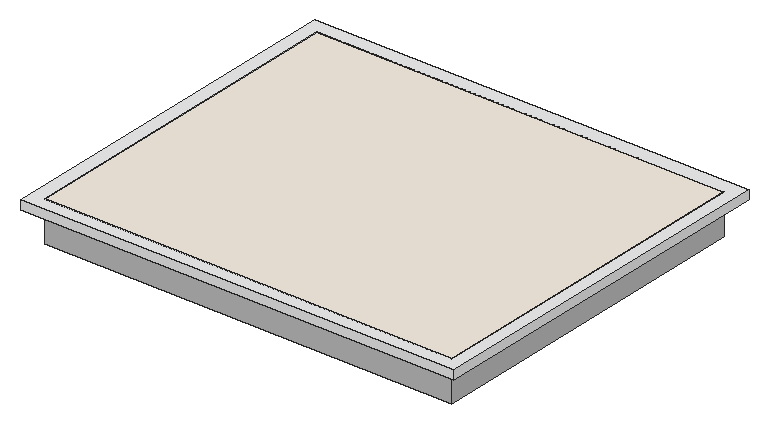
Revit family "Lighting-Industriale-GEWISS-ELIA-HL-LED_RIFLETTORE", category Apparecchi per illuminazione, host Superficie, Revit 2019 (continued)
Types (12, lengths in mm): name | Tensione | Scheda Tecnica | Potenza di sistema | Peso (kg): | Peso (kg) | Ottica | built-in parameter 1150142 | Lumen output (lm) | Modello | IDT | File diagramma fotometrico | Description
    258.26 5068.28 4883.13 4706.03 4537.78 4378.39 \r\n4227.86 4087.79 3954.16 3822.95 3694.95 3569.37 3447.82 \r\n3332.70 3222.42 3116.96 3015.53 2917.32 2821.53 2731.37 \r\n2644.43 2558.29 2473.77 2392.46 2311.96 2232.27 2154.18 \r\n2080.12 2007.67 1937.63 1869.21 1799.98 1731.56 1663.13 \r\n1595.43 1526.68 1459.30 1394.90 1333.40 1274.72 1219.82 \r\n1170.23 1123.62 1078.30 1034.67 992.24 951.35 912.71 \r\n875.36 838.49 801.94 765.47 729.41 693.91 659.94 628.30 \r\n598.68 571.07 544.82 519.39 494.35 469.15 444.92 422.95 \r\n402.26 382.21 362.81 343.57 324.82 306.87 289.88 274.34 \r\n259.45 244.48 230.07 216.46 203.42 190.87 179.03 167.92 \r\n157.22 146.34 135.43 124.31 113.36 102.90 92.91 83.52 \r\n74.60 66.02 57.82 49.99 42.59 35.71 29.29 23.21 17.73 \r\n13.13 9.33 6.40 4.34 3.17 2.88 \r\n8062.88 8064.49 8065.29 8066.90 8069.32 8072.54 8075.76 \r\n8079.78 8083.81 8088.64 8093.47 8099.91 8106.35 8113.59 \r\n8121.64 8129.69 8137.74 8145.79 8153.84 8162.70 8171.55 \r\n8180.41 8190.07 8198.12 8207.78 8215.83 8224.68 8232.73 \r\n8240.78 8247.22 8253.66 8260.10 8264.13 8267.35 8269.76 \r\n8270.57 8270.57 8268.96 8265.74 8261.71 8254.47 8246.42 \r\n8236.76 8224.68 8211.00 8194.90 8177.99 8158.67 8136.13 \r\n8111.98 8083.81 8055.63 8023.43 7988.82 7950.98 7909.93 \r\n7864.85 7815.74 7762.61 7703.85 7640.25 7571.02 7496.16 \r\n7414.05 7325.50 7229.70 7126.66 7018.79 6904.48 6785.34 \r\n6658.96 6523.72 6378.82 6222.65 6051.18 5859.59 5658.34 \r\n5459.51 5262.28 5069.89 4883.93 4705.22 4537.78 4378.39 \r\n4230.27 4091.01 3958.99 3825.36 3696.56 3572.59 3453.45 \r\n3337.53 3225.64 3117.77 3014.73 2914.91 2819.92 2728.95 \r\n2640.40 2554.27 2470.55 2389.24 2309.55 2230.66 2152.57 \r\n2078.51 2006.87 1936.83 1867.60 1799.98 1731.56 1663.93 \r\n1595.67 1527.25 1459.63 1393.62 1330.67 1272.71 1218.85 \r\n1169.58 1123.22 1078.06 1034.59 992.40 951.67 913.11 \r\n875.76 838.97 802.42 765.56 729.17 693.35 658.97 627.18 \r\n597.55 570.50 544.66 519.39 494.51 469.31 445.08 423.35 \r\n402.82 382.86 363.54 344.38 325.86 308.07 291.25 275.63 \r\n260.74 245.53 230.71 216.79 203.50 191.03 179.19 168.25 \r\n157.53 146.67 135.73 124.47 113.38 102.88 92.91 83.54 \r\n74.64 66.00 57.75 49.89 42.48 35.60 29.19 23.10 17.63 \r\n13.07 9.32 6.40 4.33 3.16 2.87 \r\n8062.88 8064.49 8065.29 8066.90 8069.32 8072.54 8075.76 \r\n8079.78 8083.00 8087.83 8093.47 8099.91 8106.35 8113.59 \r\n8120.84 8128.89 8136.94 8145.79 8153.84 8162.70 8171.55 \r\n8180.41 8189.26 8198.12 8206.97 8216.63 8224.68 8232.73 \r\n8239.98 8247.22 8253.66 8259.30 8263.32 8266.54 8269.76 \r\n8271.37 8270.57 8268.96 8265.74 8260.91 8254.47 8246.42 \r\n8235.95 8224.68 8211.00 8195.70 8178.80 8158.67 8136.94 \r\n8112.79 8085.42 8056.44 8024.24 7990.43 7952.59 7910.73 \r\n7866.46 7818.16 7765.03 7707.07 7643.47 7574.24 7498.57 \r\n7417.27 7329.52 7232.92 7129.88 7021.21 6906.09 6786.15 \r\n6659.76 6525.33 6381.23 6225.06 6055.21 5863.62 5663.98 \r\n5463.53 5264.70 5070.69 4883.13 4705.22 4536.17 4379.20 \r\n4232.69 4094.23 3962.21 3828.58 3698.17 3576.62 3458.28 \r\n3341.56 3228.86 3118.57 3013.92 2914.10 2818.31 2724.93 \r\n2636.38 2550.24 2467.33 2386.83 2307.93 2229.05 2151.77 \r\n2077.71 2004.45 1934.42 1865.99 1798.37 1730.75 1663.13 \r\n1595.83 1527.57 1459.79 1392.33 1328.09 1270.77 1217.88 \r\n1168.94 1122.65 1077.73 1034.51 992.48 951.99 913.59 \r\n876.24 839.45 802.99 765.80 728.93 692.78 658.09 626.29 \r\n596.75 570.02 544.58 519.47 494.67 469.48 445.33 423.67 \r\n403.39 383.50 364.34 345.26 326.91 309.20 292.46 276.92 \r\n261.87 246.41 231.28 217.03 203.58 191.19 179.43 168.41 \r\n157.82 146.97 135.99 124.61 113.38 102.87 92.91 83.58 \r\n74.68 65.99 57.68 49.80 42.38 35.50 29.09 22.99 17.52 \r\n13.01 9.31 6.39 4.32 3.15 2.86 \r\n8062.88 8064.49 8066.10 8067.71 8069.32 8072.54 8075.76 \r\n8079.78 8083.81 8088.64 8093.47 8099.10 8106.35 8113.59 \r\n8121.64 8129.69 8137.74 8145.79 8153.84 8162.70 8171.55 \r\n8179.60 8189.26 8198.12 8206.97 8215.83 8223.88 8231.93 \r\n8239.98 8247.22 8253.66 8259.30 8263.32 8267.35 8269.76 \r\n8270.57 8270.57 8268.96 8266.54 8261.71 8255.27 8247.22 \r\n8236.76 8224.68 8211.00 8196.51 8179.60 8159.48 8137.74 \r\n8113.59 8086.22 8057.24 8025.85 7990.43 7952.59 7912.34 \r\n7867.26 7818.96 7766.64 7708.68 7645.08 7575.85 7500.18 \r\n7418.88 7331.13 7234.53 7131.49 7022.01 6906.90 6787.76 \r\n6660.57 6526.13 6382.04 6226.67 6057.62 5867.64 5668.00 \r\n5466.75 5267.11 5070.69 4882.32 4703.61 4535.37 4380.00 \r\n4234.30 4097.45 3965.43 3830.19 3699.78 3579.03 3462.31 \r\n3346.39 3232.08 3120.99 3012.31 2912.49 2816.70 2722.51 \r\n2632.35 2547.02 2464.91 2384.41 2305.52 2228.24 2150.96 \r\n2076.09 2002.84 1933.61 1865.19 1796.76 1729.95 1663.13 \r\n1595.83 1527.73 1459.79 1391.12 1325.84 1269.00 1217.08 \r\n1168.30 1122.17 1077.41 1034.34 992.65 952.40 914.00 \r\n876.65 839.94 803.47 766.04 728.85 692.30 657.52 625.57 \r\n596.18 569.62 544.66 519.55 494.83 469.72 445.49 424.07 \r\n403.95 384.15 364.91 346.15 327.88 310.25 293.58 277.97 \r\n262.83 247.14 231.84 217.35 203.75 191.27 179.60 168.73 \r\n158.07 147.21 136.18 124.69 113.38 102.85 92.91 83.60 \r\n74.72 65.99 57.62 49.72 42.29 35.41 29.01 22.90 17.44 \r\n12.95 9.30 6.38 4.31 3.14 2.85 \r\n8062.88 8064.49 8066.10 8067.71 8069.32 8072.54 8075.76 \r\n8078.98 8083.81 8088.64 8093.47 8099.91 8106.35 8114.40 \r\n8120.84 8128.89 8136.94 8144.99 8154.65 8162.70 8170.75 \r\n8180.41 8188.46 8198.12 8207.78 8215.83 8223.88 8231.93 \r\n8239.98 8246.42 8254.47 8259.30 8264.13 8267.35 8268.96 \r\n8270.57 8270.57 8268.96 8265.74 8260.91 8254.47 8246.42 \r\n8236.76 8223.88 8211.00 8196.51 8180.41 8159.48 8138.55 \r\n8112.79 8085.42 8058.05 8025.85 7990.43 7953.40 7911.54 \r\n7868.07 7819.77 7766.64 7708.68 7645.89 7576.66 7500.99 \r\n7420.49 7331.94 7235.34 7132.30 7022.82 6906.90 6787.76 \r\n6658.96 6525.33 6382.04 6225.87 6056.82 5868.45 5670.42 \r\n5467.56 5266.31 5071.50 4881.52 4702.81 4533.76 4379.20 \r\n4235.91 4099.06 3967.04 3831.80 3701.39 3582.25 3466.33 \r\n3348.80 3234.49 3121.79 3012.31 2910.88 2815.89 2720.90 \r\n2629.13 2543.80 2461.69 2382.80 2303.91 2226.63 2149.35 \r\n2075.29 2002.84 1932.00 1864.38 1796.76 1729.14 1663.13 \r\n1595.83 1527.89 1459.79 1390.07 1324.06 1267.55 1216.36 \r\n1167.89 1121.85 1077.25 1034.26 992.73 952.64 914.32 \r\n876.97 840.42 803.87 766.20 728.85 692.14 657.04 625.16 \r\n595.70 569.46 544.66 519.71 494.91 469.80 445.81 424.40 \r\n404.27 384.63 365.47 346.79 328.60 311.05 294.47 278.85 \r\n263.56 247.78 232.16 217.51 203.83 191.43 179.68 168.89 \r\n158.26 147.38 136.32 124.76 113.38 102.85 92.91 83.62 \r\n74.75 65.99 57.59 49.65 42.21 35.34 28.95 22.83 17.36 \r\n12.91 9.28 6.38 4.30 3.13 2.85 \r\n" | "16100" | "GWF1001ML840" | "6986bd88-00b9-4bd3-89d6-08f1468882c4" | "GWF1001ML840.IES" | "ELIA HL M2 90° 4000K S.ALONE DALI"
